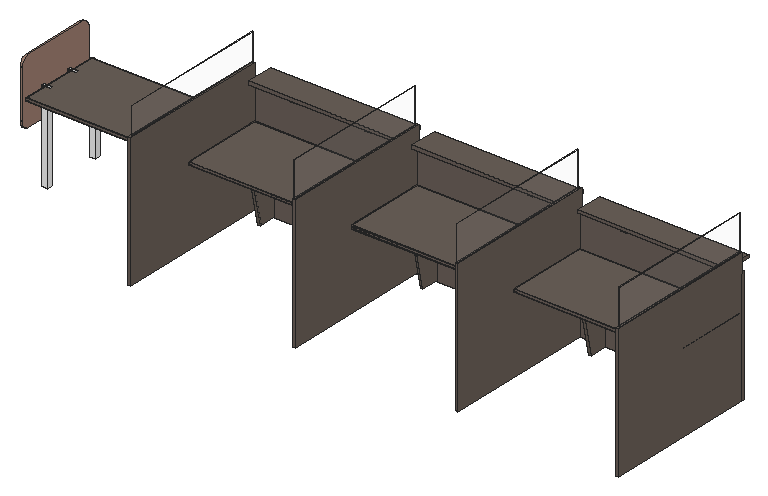
Revit family "OFS TYPICAL T200032", category Furniture, Revit 2022
Family settings
  OmniClass Number = 23.40.20.00
  OmniClass Title = General Furniture and Specialties
  Work Plane-Based = No
  Always vertical = Yes
  Cut with Voids When Loaded = No
  Render Appearance Source = Family Geometry
  Shared = No
  Room Calculation Point = No
Parameters (values of type "T200032")
  URL = "http://ofs.com/"
  Model = "T200032"
  Manufacturer = "OFS"
  Description = "OFS TYPICAL T200032"
  Default Elevation = 0' - 0"
  Copyright © = "©OFS 2024"
  Catalog = ""
  Authoring Version = "Autodesk Revit 2018"
  Assembly Code = "E2020200"
Reference planes (in)
  plane 1 "Center Front/Back": y = 0
  plane 2: z = -0.125
  plane 3 "Center Left/Right": x = 0
Dimensions and locks (in)
  aligned and locked: level to plane 2
Nested families (in)
  nested 1: "STAKS SUPPORT BASE - PANEL - WALL PANEL" at (-40.5, -2.62535, -0.125), type "STAKS SUPPORT WALL PANEL 28 X 12"
  nested 2: "STAKS BASE SQUARE" at (-95.5, -28.62535, -0.125), type "STAKS BASE SQUARE"
  nested 3: "STAKS WORKSURFACE HEIGHT PEDESTAL - BOX-BOX-FILE - NO RISER SUPPORT" at (29.70509, -21.00035, -0.125), type "STAKS WORKSURFACE HEIGHT PEDESTAL - BOX-BOX-FILE - NO RISER SUPPORT 30in D"
  nested 4: "STAKS DOUBLE SIDED FROSTED GLASS PRIVACY PANEL" at (-56.23966, -12, 1.75) x (0, 1, 0) z (0, 0, 1), type "STAKS DOUBLE SIDED FROSTED GLASS PRIVACY PANEL 55 x 10"
  nested 5: "STAKS DOUBLE SIDED FROSTED GLASS PRIVACY PANEL" at (2.75035, -12, 1.75) x (0, 1, 0) z (0, 0, 1), type "STAKS DOUBLE SIDED FROSTED GLASS PRIVACY PANEL 55 x 13"
  nested 6: "STAKS TRANSACTION SHELF" at (-13.61418, 1.99965, -4.625), type "STAKS TRANSACTION SHELF 54in"
  nested 7: "STAKS WORKSURFACE EDGE MODESTY TFL WOOD GRAIN AND TFL SOLID COLORS Round Corners" at (-116.74435, 0.49978, 17.375) x (0, 1, 0) z (0, 0, 1), type "STAKS WORKSURFACE EDGE MODESTY TFL WOOD GRAIN AND TFL SOLID COLORS 30 Round Corners"
  nested 8: "STAKS BENCHING RECTANGULAR WORKSURFACES" at (-66.04968, 0.83343, -0.125), type "STAKS BENCHING RECTANGULAR WORKSURFACE 57.5 X 30"
    with SURFACE DEPTH 2' - 6", SURFACE WIDTH 4' - 10"
  nested 9: "STAKS WORKSURFACE HEIGHT PEDESTAL - BOX-BOX-FILE - NO RISER SUPPORT" at (-29.40931, -21.00057, -0.125), type "STAKS WORKSURFACE HEIGHT PEDESTAL - BOX-BOX-FILE - NO RISER SUPPORT 30in D"
  nested 10: "STAKS SPINE OR DIVIDER WALL 42in" at (-7.04968, -2.83365, 0), type "STAKS SPINE OR DIVIDER WALL 42in X 58in"
    with Height Above Floor 3' - 6"
  nested 11: "STAKS SPINE OR DIVIDER WALL 42in" at (-67.04968, 1.83365, 0), type "STAKS SPINE OR DIVIDER WALL 42in X 59in"
    with Height Above Floor 3' - 6"
  nested 12: "STAKS BENCHING RECTANGULAR WORKSURFACES" at (66.04968, 0.83343, -0.125) x (-1, 0, 0) z (0, 0, 1), type "STAKS BENCHING RECTANGULAR WORKSURFACE 57.5 X 30"
    with SURFACE DEPTH 2' - 6", SURFACE WIDTH 4' - 10"
  nested 13: "STAKS BENCHING RECTANGULAR WORKSURFACES" at (125.06028, 0.83343, -0.125) x (-1, 0, 0) z (0, 0, 1), type "STAKS BENCHING RECTANGULAR WORKSURFACE 57.5 X 30"
    with SURFACE DEPTH 2' - 6", SURFACE WIDTH 4' - 10"
  nested 14: "STAKS WORKSURFACE HEIGHT PEDESTAL - BOX-BOX-FILE - NO RISER SUPPORT" at (130.66991, -21.00057, -0.125) x (-1, 0, 0) z (0, 0, 1), type "STAKS WORKSURFACE HEIGHT PEDESTAL - BOX-BOX-FILE - NO RISER SUPPORT 30in D"
  nested 15: "STAKS SPINE OR DIVIDER WALL 42in" at (126.06028, 1.83365, 0) x (-1, 0, 0) z (0, 0, 1), type "STAKS SPINE OR DIVIDER WALL 42in X 59in"
    with Height Above Floor 3' - 6"
  nested 16: "STAKS SPINE OR DIVIDER WALL 48in" at (-61.32835, -64.55498, -0.125) x (0, 1, 0) z (0, 0, 1), type "STAKS SPINE OR DIVIDER WALL 48in X 56in"
    with Height Above Floor 4' - 0"
  nested 17: "STAKS SPINE OR DIVIDER WALL 48in" at (-2.32835, -63.55498, 0) x (0, 1, 0) z (0, 0, 1), type "STAKS SPINE OR DIVIDER WALL 48in X 56in"
    with Height Above Floor 4' - 0"
  nested 18: "STAKS SPINE OR DIVIDER WALL 48in" at (56.67165, -63.55498, 0) x (0, 1, 0) z (0, 0, 1), type "STAKS SPINE OR DIVIDER WALL 48in X 56in"
    with Height Above Floor 4' - 0"
  nested 19: "STAKS SPINE OR DIVIDER WALL 48in" at (115.67165, -64.55498, 0) x (0, 1, 0) z (0, 0, 1), type "STAKS SPINE OR DIVIDER WALL 48in X 56in"
    with Height Above Floor 4' - 0"
  nested 20: "STAKS BENCHING RECTANGULAR WORKSURFACES" at (-51.93972, 0.83343, -0.125) x (-1, 0, 0) z (0, 0, 1), type "STAKS BENCHING RECTANGULAR WORKSURFACE 57.5 X 30"
    with SURFACE DEPTH 2' - 6", SURFACE WIDTH 4' - 10"
  nested 21: "STAKS WORKSURFACE HEIGHT PEDESTAL - BOX-BOX-FILE - NO RISER SUPPORT" at (-46.33009, -21.00057, -0.125) x (-1, 0, 0) z (0, 0, 1), type "STAKS WORKSURFACE HEIGHT PEDESTAL - BOX-BOX-FILE - NO RISER SUPPORT 30in D"
  nested 22: "STAKS DOUBLE SIDED FROSTED GLASS PRIVACY PANEL" at (61.75565, -12, 1.75) x (0, 1, 0) z (0, 0, 1), type "STAKS DOUBLE SIDED FROSTED GLASS PRIVACY PANEL 55 x 13"
  nested 23: "STAKS DOUBLE SIDED FROSTED GLASS PRIVACY PANEL" at (120.75565, -12, 1.75) x (0, 1, 0) z (0, 0, 1), type "STAKS DOUBLE SIDED FROSTED GLASS PRIVACY PANEL 55 x 13"
  nested 24: "STAKS SUPPORT BASE - PANEL - WALL PANEL" at (-4.3644, -2.62535, -0.125) x (-1, 0, 0) z (0, 0, 1), type "STAKS SUPPORT WALL PANEL 28 X 12"
  nested 25: "STAKS SUPPORT BASE - PANEL - WALL PANEL" at (56.8856, -2.62535, -0.125) x (-1, 0, 0) z (0, 0, 1), type "STAKS SUPPORT WALL PANEL 28 X 12"
  nested 26: "STAKS BASE SQUARE" at (-95.5, -6.87535, -0.125), type "STAKS BASE SQUARE"
  nested 27: "OFS RANGE BRACKETS FOR WORKSURFACE EDGE MODESTY WOOD AND TFL PANEL" at (-118.7447, -22.00318, -3.625) x (0, 1, 0) z (0, 0, 1), type "BRACKETS FOR WORKSURFACE EDGE MODESTY Wood and TFL Panel"
  nested 28: "OFS RANGE BRACKETS FOR WORKSURFACE EDGE MODESTY WOOD AND TFL PANEL" at (-118.7447, -10.25318, -3.625) x (0, 1, 0) z (0, 0, 1), type "BRACKETS FOR WORKSURFACE EDGE MODESTY Wood and TFL Panel"
  nested 29: "STAKS BENCHING CANTILEVER WORKSURFACE BRACKET - MINI CONCEALED" at (-77.93205, -39.25318, -0.25) x (0, -1, 0) z (0, 0, 1), type "STAKS CANTILEVER WORKSURFACE BRACKET - MINI CONCEALED"
  nested 30: "STAKS BENCHING CANTILEVER WORKSURFACE BRACKET - MINI CONCEALED" at (-77.93205, -25.75318, -0.25) x (0, -1, 0) z (0, 0, 1), type "STAKS CANTILEVER WORKSURFACE BRACKET - MINI CONCEALED"
  nested 31: "STAKS BENCHING CANTILEVER WORKSURFACE BRACKET - OPEN" at (-16.0572, -3.87535, -0.25), type "CANTILEVER WORKSURFACE BRACKET - OPEN 30in"
  nested 32: "STAKS BENCHING CANTILEVER WORKSURFACE BRACKET - OPEN" at (9.1822, -3.87535, -0.25) x (-1, 0, 0) z (0, 0, 1), type "CANTILEVER WORKSURFACE BRACKET - OPEN 30in"
  nested 33: "STAKS BENCHING CANTILEVER WORKSURFACE BRACKET - OPEN" at (102.0572, -3.87535, -0.25), type "CANTILEVER WORKSURFACE BRACKET - OPEN 30in"
  nested 34: "temp:STAKS BENCHING PRESS FIT BRACKET" at (-42.12465, 16, 15) x (0, 1, 0) z (0, 0, 1), type "STAKS BENCHING PRESS FIT BRACKET"
  nested 35: "temp:STAKS BENCHING PRESS FIT BRACKET" at (-19.05755, 16, 15) x (0, 1, 0) z (0, 0, 1), type "STAKS BENCHING PRESS FIT BRACKET"
  nested 36: "STAKS TRANSACTION SHELF" at (12.61418, 1.99965, -4.625) x (-1, 0, 0) z (0, 0, 1), type "STAKS TRANSACTION SHELF 54in"
  nested 37: "temp:STAKS BENCHING PRESS FIT BRACKET" at (40.05685, 16, 15) x (0, 1, 0) z (0, 0, 1), type "STAKS BENCHING PRESS FIT BRACKET"
  nested 38: "temp:STAKS BENCHING PRESS FIT BRACKET" at (21.98975, 16, 15) x (0, 1, 0) z (0, 0, 1), type "STAKS BENCHING PRESS FIT BRACKET"
  nested 39: "STAKS TRANSACTION SHELF" at (72.61418, 1.99965, -4.625) x (-1, 0, 0) z (0, 0, 1), type "STAKS TRANSACTION SHELF 54in"
  nested 40: "temp:STAKS BENCHING PRESS FIT BRACKET" at (99.00495, 16, 15) x (0, 1, 0) z (0, 0, 1), type "STAKS BENCHING PRESS FIT BRACKET"
  nested 41: "temp:STAKS BENCHING PRESS FIT BRACKET" at (77.48975, 16, 15) x (0, 1, 0) z (0, 0, 1), type "STAKS BENCHING PRESS FIT BRACKET"
Definition of nested family "STAKS SUPPORT BASE - PANEL - WALL PANEL"
  Parameters (values of type "STAKS SUPPORT BASE 21 X 12")
    Width [instance] = 1' - 0"
    WALL SUPPORT = no
    URL = "http://www.ofs.com"
    SUPPORT PANEL = no
    SUPPORT BASE = yes
    Model = "6-2112SB"
    Manufacturer = "OFS"
    Height = 1' - 9 7/8"
    Description = "OFS STAKS SUPPORT BASE 21 X12, Base Supports 22\"D Worksurfaces"
    Depth = 1' - 0"
    Default Elevation = 0' - 0"
    Copyright © = "©OFS 2018"
    Catalog = "https://ofs.com/products/casegoods/private-office/staks"
    Authoring Version = "Autodesk Revit Architecture 2013"
    Assembly Code = "E2020200"
  Types (7): name | WALL SUPPORT | SUPPORT PANEL | SUPPORT BASE | Model | Height | Description | Depth
    STAKS SUPPORT PANEL 28 X 12 | no | yes | no | "6-2812SP" | 2' - 3 7/8" | "OFS STAKS SUPPORT PANEL 28 X 12, End Panel Supports 22\"D Worksurfaces" | 1' - 0"
    STAKS SUPPORT BASE 28 X 12 | no | no | yes | "6-2812SB" | 2' - 3 7/8" | "OFS STAKS SUPPORT BASE 28 X12, Base Supports 22\"D Worksurfaces" | 1' - 0"
    STAKS SUPPORT WALL PANEL 28 X 12 | yes | no | no | "6-2812SWPS" | 2' - 3 3/8" | "OFS STAKS SUPPORT WALL PANEL 28 X12, Provides Support for Worksurface in Conjunction with Cantilevers and Stabilizes Wall Panels" | 1' - 0"
    STAKS SUPPORT BASE 21 X 12 | no | no | yes | "6-2112SB" | 1' - 9 7/8" | "OFS STAKS SUPPORT BASE 21 X12, Base Supports 22\"D Worksurfaces" | 1' - 0"
    STAKS SUPPORT BASE 28 X 18 | no | no | yes | "6-2818SB" | 2' - 3 7/8" | "OFS STAKS SUPPORT BASE 28 X18, Base Supports 30\"D Worksurfaces" | 1' - 6"
    STAKS SUPPORT PANEL 21 X 12 | no | yes | no | "6-2112SP" | 1' - 9 7/8" | "OFS STAKS SUPPORT PANEL 21 X 12, End Panel Supports 22\"D Worksurfaces" | 1' - 0"
    STAKS SUPPORT PANEL 28 X 18 | no | yes | no | "6-2818SP" | 2' - 3 7/8" | "OFS STAKS SUPPORT PANEL 28 X 18, End Panel Supports 30\"D Worksurfaces" | 1' - 6"
  Reference planes (in)
    plane 1: z = 0
    plane 2 "Left": x = -12
    plane 3 "Back": y = 1.62535
    plane 4 "PANELL TOP": z = 21.875
    plane 5 "RIGHT": x = -11
    plane 6: y = -10.37465
    plane 7: y = 0.62535
    plane 8: x = -5.5
    plane 9: x = -17.5
  Forms (in)
    Extrusion 1, solid, visible <- "SUPPORT PANEL"
      sketch origin (-7.62535, -10.37465, -0.18015) x (1, 0, 0) y (0, 0, 1)
        loop
          line (-4.37465, 22.05515) -> (-4.37465, 0.18015) -> (-3.37465, 0.18015) -> (-3.37465, 22.05515) -> (-4.37465, 22.05515)
      from -12 to 0
    Extrusion 2, solid, visible <- "SUPPORT BASE"
      sketch origin (-5.5, 5, -0.18015) x (0, 1, 0) y (0, 0, 1)
        loop
          line (-4.37465, 22.05515) -> (-4.37465, 0.18015) -> (-3.37465, 0.18015) -> (-3.37465, 22.05515) -> (-4.37465, 22.05515)
      from -12 to 0
    Extrusion 3, solid, visible <- "SUPPORT BASE"
      sketch origin (3.37465, -10.37465, -0.18015) x (1, 0, 0) y (0, 0, 1)
        loop
          line (-15.37465, 22.05515) -> (-15.37465, 0.18015) -> (-14.37465, 0.18015) -> (-14.37465, 22.05515) -> (-15.37465, 22.05515)
      from -11 to 0
    Extrusion 4, solid, visible <- "WALL SUPPORT"
      sketch origin (-12, 0, 0) x (0, 1, 0) y (0, 0, 1)
        loop
          line (1.62535, 0) -> (1.62535, 20.375) -> (0.12535, 21.875) -> (-0.37465, 21.875) -> (-0.37465, 19.285) -> (-3.43765, 19.285) -> (-3.43765, 21.875) -> (-10.37465, 21.875) -> (-4.43765, 0) -> (1.62535, 0)
      from 0 to 1
  Lines and regions (in)
    Masking region 1, visible <- "SUPPORT PANEL"
      outline origin (-12.62535, -10.37465, 0) x (0, -1, 0) y (1, 0, 0)
        loop
          line (-12, 1.62535) -> (-12, 0.62535) -> (0, 0.62535) -> (0, 1.62535) -> (-12, 1.62535)
    Masking region 2, visible <- "SUPPORT BASE"
      outline origin (-5.5, 0, 0) x (1, 0, 0) y (0, 1, 0)
        loop
          line (-12, 1.62535) -> (-12, 0.62535) -> (0, 0.62535) -> (0, 1.62535) -> (-12, 1.62535)
    Masking region 3, visible <- "SUPPORT BASE"
      outline origin (-1.62535, -10.37465, 0) x (0, -1, 0) y (1, 0, 0)
        loop
          line (-11, -9.37465) -> (-11, -10.37465) -> (0, -10.37465) -> (0, -9.37465) -> (-11, -9.37465)
    Masking region 4, visible <- "WALL SUPPORT"
      outline origin (0, 0, 0) x (1, 0, 0) y (0, 1, 0)
        loop
          line (-11, 1.62535) -> (-12, 1.62535) -> (-12, -10.37465) -> (-11, -10.37465) -> (-11, 1.62535)
  Dimensions and locks (in)
    "Height": plane 4 "PANELL TOP" to plane 1
    locked: plane 2 "Left" to plane 5 "RIGHT" at 1
    "Depth": plane 6 to plane 3 "Back"
    locked: plane 7 to plane 3 "Back" at 1
    locked: plane 9 to plane 2 "Left" at 5.5
    locked: plane 5 "RIGHT" to plane 8 at 5.5
    "Width": plane 9 to plane 8
    aligned: Extrusion 1 to plane 2 "Left"
    aligned: Extrusion 1 to plane 1
    aligned and locked: level to plane 1
    aligned: Extrusion 1 to plane 4 "PANELL TOP"
    aligned: Extrusion 1 to plane 3 "Back"
    aligned and locked: plane 6 to Extrusion 1
    aligned and locked: plane 6 to Masking region 1
    aligned and locked: Extrusion 3 to plane 7
    aligned and locked: Masking region 3 to plane 7
    aligned and locked: plane 6 to Extrusion 3
    aligned and locked: plane 6 to Masking region 3
    aligned and locked: Extrusion 1 to plane 6  (x2)
    aligned and locked: plane 7 to Extrusion 2
    aligned and locked: plane 7 to Masking region 2
    aligned and locked: Masking region 2 to plane 3 "Back"
    aligned and locked: Extrusion 2 to plane 3 "Back"
    aligned and locked: Extrusion 1 to plane 3 "Back"
    aligned and locked: Masking region 1 to plane 3 "Back"
    aligned and locked: Extrusion 1 to plane 2 "Left"
    aligned and locked: plane 5 "RIGHT" to Extrusion 1
    aligned and locked: plane 8 to Masking region 2
    aligned and locked: plane 8 to Extrusion 2
    aligned and locked: Extrusion 2 to plane 9
    aligned and locked: Masking region 2 to plane 9
    aligned and locked: Extrusion 3 to plane 2 "Left"
    aligned and locked: plane 5 "RIGHT" to Extrusion 3
    aligned and locked: Masking region 3 to plane 2 "Left"
    aligned and locked: plane 5 "RIGHT" to Masking region 3
    aligned and locked: Extrusion 3 to plane 4 "PANELL TOP"
    aligned and locked: Extrusion 1 to plane 4 "PANELL TOP"
    aligned and locked: plane 4 "PANELL TOP" to Extrusion 2
    aligned and locked: plane 4 "PANELL TOP" to Extrusion 4 sketch curve
    aligned and locked: Extrusion 4 sketch curve to plane 4 "PANELL TOP"
    aligned and locked: Extrusion 4 sketch curve to plane 3 "Back"
    aligned and locked: Extrusion 4 sketch curve to plane 1
    aligned and locked: Extrusion 4 to plane 2 "Left"
    aligned and locked: plane 5 "RIGHT" to Extrusion 4
  Automatic sketch dimensions
    Extrusion 1 sketch curve to plane 2 "Left" = 0' - 0"
    Extrusion 1 sketch curve to level = 0' - 0"
    Extrusion 1 sketch curve to plane 5 "RIGHT" = 0' - 0"
    Extrusion 1 sketch curve to plane 4 "PANELL TOP" = 0' - 0"
    Masking region 1 sketch curve to plane 2 "Left" = 0' - 0"
    plane 3 "Back" to Masking region 1 sketch curve = 0' - 0"
    Masking region 1 sketch curve to plane 5 "RIGHT" = 0' - 0"
    plane 6 to Masking region 1 sketch curve = 0' - 0"
    Extrusion 2 sketch curve to plane 4 "PANELL TOP" = 0' - 0"
    Extrusion 2 sketch curve to plane 7 = 0' - 0"
    Extrusion 2 sketch curve to level = 0' - 0"
    Extrusion 2 sketch curve to plane 3 "Back" = 0' - 0"
    plane 7 to Masking region 2 sketch curve = 0' - 0"
    Masking region 2 sketch curve to plane 9 = 0' - 0"
    plane 3 "Back" to Masking region 2 sketch curve = 0' - 0"
    Masking region 2 sketch curve to plane 8 = 0' - 0"
    Extrusion 3 sketch curve to plane 2 "Left" = 0' - 0"
    Extrusion 3 sketch curve to level = 0' - 0"
    Extrusion 3 sketch curve to plane 5 "RIGHT" = 0' - 0"
    Extrusion 3 sketch curve to plane 4 "PANELL TOP" = 0' - 0"
    Masking region 3 sketch curve to plane 2 "Left" = 0' - 0"
    plane 7 to Masking region 3 sketch curve = 0' - 0"
    Masking region 3 sketch curve to plane 5 "RIGHT" = 0' - 0"
    plane 6 to Masking region 3 sketch curve = 0' - 0"
    Extrusion 4 sketch curve to plane 6 = 0' - 0"
    plane 7 to Extrusion 4 sketch curve = 0' - 1"
    Extrusion 4 sketch curve to plane 4 "PANELL TOP" = 0' - 2.59"
    plane 7 to Extrusion 4 sketch curve = 0' - 5.063"
    Extrusion 4 sketch curve to Extrusion 4 sketch curve = 0' - 3.063"
    Extrusion 4 sketch curve to Extrusion 4 sketch curve = 0' - 0 1/2"
    Extrusion 4 sketch curve to plane 4 "PANELL TOP" = 0' - 1 1/2"
    Masking region 4 sketch curve to plane 2 "Left" = 0' - 0"
    Masking region 4 sketch curve to plane 5 "RIGHT" = 0' - 0"
    plane 6 to Masking region 4 sketch curve = 0' - 0"
    plane 3 "Back" to Masking region 4 sketch curve = 0' - 0"
Definition of nested family "STAKS BASE SQUARE"
  Parameters (values of type "STAKS BASE SQUARE")
    Width = 0' - 2"
    URL = "http://www.ofs.com"
    Model = "6-L2S"
    Manufacturer = "OFS"
    Height = 2' - 3 7/8"
    Description = "OFS STAKS BASE SQUARE, 2\" Metal Square Support, For Worksurface Height Support only"
    Depth = 0' - 2"
    Default Elevation = 0' - 0"
    Copyright © = "©OFS 2018"
    Catalog = "https://ofs.com/products/casegoods/private-office/staks"
    Base Material = none
    Authoring Version = "Autodesk Revit Architecture 2013"
    Assembly Code = "E2020200"
  Reference planes (in)
    plane 1: z = 0
    plane 2 "Center (Front/Back)": y = 1.62535
    plane 3 "Center (Left/Right)": x = -17.5
    plane 4: z = 27.875
    plane 5: z = 27.625
  Forms (in)
    Extrusion 1, solid, material <- "Base Material"
      sketch origin (0, 0, 27.375) x (-1, 0, 0) y (0, -1, 0)
        loop
          line (19.75, -3.87535) -> (19.75, 0.62465) -> (15.25, 0.62465) -> (15.25, -3.87535) -> (19.75, -3.87535)
      from 0.25 to 0.5
    Extrusion 2, solid, material <- "Base Material"
      sketch origin (0, 0, 0) x (1, 0, 0) y (0, 1, 0)
        loop
          line (-16.5, 2.62535) -> (-18.5, 2.62535) -> (-18.5, 0.62535) -> (-16.5, 0.62535) -> (-16.5, 2.62535)
      from 0 to 27.625
  Lines and regions (in)
    Masking region 1
      outline origin (0, 0, 0) x (1, 0, 0) y (0, 1, 0)
        loop
          line (-16.5, 2.62535) -> (-18.5, 2.62535) -> (-18.5, 0.62535) -> (-16.5, 0.62535) -> (-16.5, 2.62535)
    Masking region 2
      outline origin (0, 0, 0) x (1, 0, 0) y (0, 1, 0)
        loop
          line (-15.25, 3.87535) -> (-19.75, 3.87535) -> (-19.75, -0.62465) -> (-15.25, -0.62465) -> (-15.25, 3.87535)
        loop
          line (-16.5, 0.62535) -> (-16.5, 2.62535) -> (-18.5, 2.62535) -> (-18.5, 0.62535) -> (-16.5, 0.62535)
  Dimensions and locks (in)
    locked: plane 4 to plane 5 at 0.25
    "Height": plane 4 to plane 1
    locked: Extrusion 1 to Extrusion 1 at 4.5  (x2)
    "Width": Extrusion 2 to Extrusion 2
    "Depth": Extrusion 2 to Extrusion 2
    aligned and locked: level to plane 1
    aligned and locked: plane 5 to Extrusion 1
    aligned and locked: Extrusion 1 to plane 4
    aligned and locked: Extrusion 2 to plane 5
  Automatic sketch dimensions
    plane 3 "Center (Left/Right)" to Extrusion 1 sketch curve = 0' - 2 1/4"
    Extrusion 1 sketch curve to plane 2 "Center (Front/Back)" = 0' - 2 1/4"
    Extrusion 1 sketch curve to plane 3 "Center (Left/Right)" = 0' - 2 1/4"
    plane 2 "Center (Front/Back)" to Extrusion 1 sketch curve = 0' - 2 1/4"
    Extrusion 2 sketch curve to plane 3 "Center (Left/Right)" = 0' - 1"
    plane 2 "Center (Front/Back)" to Extrusion 2 sketch curve = 0' - 1"
    plane 3 "Center (Left/Right)" to Extrusion 2 sketch curve = 0' - 1"
    Extrusion 2 sketch curve to plane 2 "Center (Front/Back)" = 0' - 1"
    Masking region 1 sketch curve to plane 3 "Center (Left/Right)" = 0' - 1"
    plane 2 "Center (Front/Back)" to Masking region 1 sketch curve = 0' - 1"
    plane 3 "Center (Left/Right)" to Masking region 1 sketch curve = 0' - 1"
    Masking region 1 sketch curve to plane 2 "Center (Front/Back)" = 0' - 1"
    Masking region 2 sketch curve to plane 3 "Center (Left/Right)" = 0' - 2 1/4"
    plane 2 "Center (Front/Back)" to Masking region 2 sketch curve = 0' - 2 1/4"
    Masking region 2 sketch curve to plane 3 "Center (Left/Right)" = 0' - 1"
    plane 3 "Center (Left/Right)" to Masking region 2 sketch curve = 0' - 1"
    Masking region 2 sketch curve to Masking region 2 sketch curve = 0' - 1 1/4"  (x2)
    plane 2 "Center (Front/Back)" to Masking region 2 sketch curve = 0' - 1"
    Masking region 2 sketch curve to plane 2 "Center (Front/Back)" = 0' - 1"
Definition of nested family "STAKS WORKSURFACE HEIGHT PEDESTAL - BOX-BOX-FILE - NO RISER SUPPORT"
  Parameters (values of type "STAKS WORKSURFACE HEIGHT PEDESTAL - BOX-BOX-FILE - NO RISER SUPPORT 19in D")
    URL = "http://www.ofs.com/"
    Riser Support = 0' - 0"
    Model = "6-NW1619MPD1"
    Manufacturer = "OFS"
    Height = 2' - 3 7/8"
    Drawer Material = none
    Drawer Handle Width = 0' - 5 7/16"
    Drawer Handle Material = none
    Description = "OFS STAKS WORKSURFACE HEIGHT PEDESTAL - BOX-BOX-FILE - NO RISER SUPPORT 19\" D, Two Box Drawers, Use with 22\"D Worksurfaces"
    Width = 1' - 3 5/8"
    Depth = 1' - 7 3/8"
    Default Elevation = 0' - 0"
    DH2 = 0' - 6 1/2"
    DH1 = 1' - 2 3/8"
    Copyright © = "© 2018 OFS"
    Chasis Material = none
    Catalog = "https://ofs.com/products/casegoods/private-office/staks"
    Board Thickness = 0' - 0 3/4"
    Authoring Version = "Autodesk Revit Architecture 2013"
    Assembly Code = "E2020200"
  Types (6): name | Model | Description | Depth
    STAKS WORKSURFACE HEIGHT PEDESTAL - BOX-BOX-FILE - NO RISER SUPPORT 19in D | "6-NW1619MPD1" | "OFS STAKS WORKSURFACE HEIGHT PEDESTAL - BOX-BOX-FILE - NO RISER SUPPORT 19\" D, Two Box Drawers, Use with 22\"D Worksurfaces" | 1' - 7 3/8"
    STAKS WORKSURFACE HEIGHT PEDESTAL - BOX-BOX-FILE - NO RISER SUPPORT 22in D | "6-NW1622MPD1" | "OFS STAKS WORKSURFACE HEIGHT PEDESTAL - BOX-BOX-FILE - NO RISER SUPPORT 22\" D, Two Box Drawers, Use with 22\"D Worksurfaces" | 1' - 9 7/8"
    STAKS WORKSURFACE HEIGHT PEDESTAL - BOX-BOX-FILE - NO RISER SUPPORT 27in D | "6-NW1627MPD1" | "OFS STAKS WORKSURFACE HEIGHT PEDESTAL - BOX-BOX-FILE - NO RISER SUPPORT 27\" D, Two Box Drawers, Use with 30\"D Worksurfaces" | 2' - 3 3/8"
    STAKS WORKSURFACE HEIGHT PEDESTAL - BOX-BOX-FILE - NO RISER SUPPORT 30in D | "6-NW1630MPD1" | "OFS STAKS WORKSURFACE HEIGHT PEDESTAL - BOX-BOX-FILE - NO RISER SUPPORT 30\" D, Two Box Drawers, Use with 30\"D Worksurfaces" | 2' - 5 7/8"
    STAKS WORKSURFACE HEIGHT PEDESTAL - BOX-BOX-FILE - NO RISER SUPPORT 33in D | "6-NW1633MPD1" | "OFS STAKS WORKSURFACE HEIGHT PEDESTAL - BOX-BOX-FILE - NO RISER SUPPORT 33\" D, Two Box Drawers, Use with 36\"D Worksurfaces" | 2' - 9 3/8"
    STAKS WORKSURFACE HEIGHT PEDESTAL - BOX-BOX-FILE - NO RISER SUPPORT 36in D | "6-NW1636MPD1" | "OFS STAKS WORKSURFACE HEIGHT PEDESTAL - BOX-BOX-FILE - NO RISER SUPPORT 36\" D, Two Box Drawers, Use with 36\"D Worksurfaces" | 2' - 11 7/8"
  Reference planes (in)
    plane 1: z = 0
    plane 2 "Right": x = 20.97711
    plane 3: z = 27.875
    plane 4: z = 14.375
    plane 5: z = 14.25
    plane 6: z = 0
    plane 7: z = 14
    plane 8: z = 27.625
    plane 9: z = 13.531
    plane 10: z = 27.15625
    plane 11: x = 13.16461
    plane 12: y = 1.37535
    plane 13: y = 0.62535
    plane 14: x = 13.22711
    plane 15: x = 28.72661
    plane 16: x = 13.91461
    plane 17: y = 20.00035
    plane 18: x = 28.78961
    plane 19: x = 28.03961
    plane 20: x = 18.25836
    plane 21: x = 18.63336
    plane 22: x = 23.69586
    plane 23: x = 23.32086
    plane 24: y = -0.18715
    plane 25: y = -0.37465
    plane 26: z = 20.875
    plane 27: z = 20.75
    plane 28: z = 20.5
    plane 29: z = 20.031
    plane 30: z = 0.25
    plane 31: y = 19.25035
    plane 32: z = 0.75
    plane 33: y = 16.75035
    plane 34: y = 4.37535
    plane 35: y = 8.37535
    plane 36: y = 12.75035
    plane 37: y = 5.00035
    plane 38: y = 13.37535
    plane 39: z = 28
  Forms (in)
    Extrusion 1, solid, material <- "Drawer Material"
      sketch origin (20.35211, 5, -13.1802) x (0, 1, 0) y (0, 0, 1)
        loop
          line (-4.37465, 27.4302) -> (-4.37465, 13.4302) -> (-3.62465, 13.4302) -> (-3.62465, 27.4302) -> (-4.37465, 27.4302)
      from -7.125 to 8.3745
    Extrusion 2, solid, material <- "Drawer Material"
      sketch origin (20.35211, 2.25, -7.68015) x (0, 1, 0) y (0, 0, 1)
        loop
          line (-1.62465, 28.43015) -> (-1.62465, 22.05515) -> (-0.87465, 22.05515) -> (-0.87465, 28.43015) -> (-1.62465, 28.43015)
      from -7.125 to 8.3745
    Extrusion 3, solid, material <- "Chasis Material"
      sketch origin (-3, -1.24965, 0) x (1, 0, 0) y (0, 0, 1)
        loop
          line (16.16461, 0) -> (16.91461, 0) -> (16.91461, 27.875) -> (16.16461, 27.875) -> (16.16461, 0)
      from -21.25 to -2.625
    Extrusion 4, solid, material <- "Chasis Material"
      sketch origin (19.35211, 31.02324, 0) x (0, 1, 0) y (0, 0, 1)
        loop
          line (-11.77289, 0) -> (-11.02289, 0) -> (-11.02289, 27.875) -> (-11.77289, 27.875) -> (-11.77289, 0)
      from -5.4375 to 8.6875
    Extrusion 5, solid, material <- "Drawer Handle Material"
      sketch origin (9, 0, 9.60933) x (1, 0, 0) y (0, 1, 0)
        loop
          line (9.25836, 0.62535) -> (9.25836, -0.37465) -> (14.69586, -0.37465) -> (14.69586, 0.62535) -> (14.32086, 0.62535) -> (14.32086, -0.18715) -> (9.63336, -0.18715) -> (9.63336, 0.62535) -> (9.25836, 0.62535)
      from 3.92167 to 4.39067
    Extrusion 6, solid, material <- "Drawer Handle Material"
      sketch origin (9, 0, 20.67137) x (1, 0, 0) y (0, 1, 0)
        loop
          line (9.25836, 0.62535) -> (9.25836, -0.37465) -> (14.69586, -0.37465) -> (14.69586, 0.62535) -> (14.32086, 0.62535) -> (14.32086, -0.18715) -> (9.63336, -0.18715) -> (9.63336, 0.62535) -> (9.25836, 0.62535)
      from -0.64037 to -0.17137
    Extrusion 7, solid, material <- "Chasis Material"
      sketch origin (0, 0, 0) x (1, 0, 0) y (0, 1, 0)
        loop
          line (28.78961, 20.00035) -> (28.03961, 20.00035) -> (28.03961, 1.37535) -> (28.78961, 1.37535) -> (28.78961, 20.00035)
      from 0 to 27.875
    Extrusion 8, solid, material <- "Drawer Material"
      sketch origin (20.35211, 2.25, 0.06985) x (0, 1, 0) y (0, 0, 1)
        loop
          line (-1.62465, 27.80515) -> (-1.62465, 20.80515) -> (-0.87465, 20.80515) -> (-0.87465, 27.80515) -> (-1.62465, 27.80515)
      from -7.125 to 8.3745
    Extrusion 9, solid, material <- "Drawer Handle Material"
      sketch origin (9, 0, 28.42137) x (1, 0, 0) y (0, 1, 0)
        loop
          line (9.25836, 0.62535) -> (9.25836, -0.37465) -> (14.69586, -0.37465) -> (14.69586, 0.62535) -> (14.32086, 0.62535) -> (14.32086, -0.18715) -> (9.63336, -0.18715) -> (9.63336, 0.62535) -> (9.25836, 0.62535)
      from -1.26512 to -0.79637
    Extrusion 10, solid, material <- "Chasis Material"
      sketch origin (-29.79592, -1.62465, 7.24693) x (1, 0, 0) y (0, 0, 1)
        loop
          line (43.71054, 19.90932) -> (57.83554, 19.90932) -> (57.83554, 20.62807) -> (43.71054, 20.62807) -> (43.71054, 19.90932)
      from -18.375 to -14.375
    Extrusion 11, solid, material <- "Chasis Material"
      sketch origin (-29.79592, -7.12465, 7.24693) x (1, 0, 0) y (0, 0, 1)
        loop
          line (43.71054, 19.90932) -> (57.83554, 19.90932) -> (57.83554, 20.62807) -> (43.71054, 20.62807) -> (43.71054, 19.90932)
      from -15.5 to -11.5
    Extrusion 12, solid, material <- "Chasis Material"
      sketch origin (-31.5409, -1.62465, -42.72261) x (1, 0, 0) y (0, 0, 1)
        loop
          line (45.45551, 42.72261) -> (59.58051, 42.72261) -> (59.58051, 43.47261) -> (45.45551, 43.47261) -> (45.45551, 42.72261)
      from -20.875 to -3
    Extrusion 13, solid
      sketch origin (0, 0, 0) x (1, 0, 0) y (0, 1, 0)
        loop
          line (28.72661, 20.00035) -> (28.03961, 20.00035) -> (28.03961, 13.37535) -> (13.91461, 13.37535) -> (13.91461, 20.00035) -> (13.22711, 20.00035) -> (13.22711, 0.62535) -> (13.91461, 0.62535) -> (13.91461, 4.37535) -> (28.03961, 4.37535) -> (28.03961, 0.62535) -> (28.72661, 0.62535) -> (28.72661, 20.00035)
        loop
          line (28.03961, 5.00035) -> (28.03961, 12.75035) -> (13.91461, 12.75035) -> (13.91461, 5.00035) -> (28.03961, 5.00035)
      from 27.875 to 28
  Dimensions and locks (in)
    "Board Thickness": plane 13 to plane 12
    locked: plane 11 to plane 14 at 0.0625
    "Board Thickness": plane 11 to plane 16
    locked: plane 15 to plane 18 at 0.063
    "Width": plane 11 to plane 18
    Extrusion 7 sketch curve to plane 18 = 0' - 0 3/4"
    "Board Thickness": plane 19 to plane 18
    equal spacing: plane 11, plane 2 "Right", plane 18
    locked: plane 20 to plane 21 at 0.375
    locked: plane 23 to plane 22 at 0.375
    equal spacing: plane 20, plane 2 "Right", plane 22
    "Drawer Handle Width": plane 20 to plane 22
    plane 25 to plane 24 to plane 13 = 0' - 0 3/16" locked, 0' - 0 13/16" locked
    "Riser Support": plane 6 to level
    "Height": plane 3 to plane 6
    "DH1": plane 4 to plane 6
    "DH2": plane 26 to plane 4
    locked: plane 30 to plane 6 at 0.25
    "Board Thickness": plane 31 to plane 17
    "Depth": plane 13 to plane 17
    plane 4 to plane 5 to plane 7 to plane 9 = 0' - 0 1/8" locked, 0' - 0 1/4" locked, 0' - 0.469" locked
    plane 26 to plane 27 to plane 28 to plane 29 = 0' - 0 1/8" locked, 0' - 0 1/4" locked, 0' - 0.469" locked
    plane 3 to plane 8 to plane 10 = 0' - 0 1/4" locked, 0' - 0 15/32" locked
    "Board Thickness": plane 32 to plane 6
    plane 12 to plane 34 to plane 35 = 0' - 3" locked, 0' - 4" locked
    plane 36 to plane 33 to plane 31 = 0' - 4" locked, 0' - 2 1/2" locked
    locked: plane 34 to plane 37 at 0.625
    locked: plane 36 to plane 38 at 0.625
    locked: plane 39 to plane 3 at 0.125
    aligned and locked: level to plane 1
    aligned and locked: Extrusion 1 to plane 14
    aligned and locked: plane 15 to Extrusion 1
    aligned and locked: Extrusion 2 to plane 12
    aligned and locked: plane 13 to Extrusion 2
    aligned and locked: plane 15 to Extrusion 2
    aligned and locked: Extrusion 2 to plane 14
    aligned and locked: plane 12 to Extrusion 3
    aligned and locked: Extrusion 3 to plane 17
    aligned and locked: Extrusion 4 to plane 16
    aligned and locked: plane 16 to Extrusion 3
    aligned and locked: Extrusion 3 to plane 11
    aligned and locked: Extrusion 4 to plane 17
    aligned and locked: Extrusion 1 sketch curve to plane 12
    aligned and locked: plane 13 to Extrusion 1 sketch curve
    aligned and locked: plane 19 to Extrusion 4
    aligned and locked: plane 3 to Extrusion 3
    aligned and locked: Extrusion 6 to plane 22
    aligned and locked: Extrusion 5 to plane 22
    aligned and locked: plane 23 to Extrusion 6
    aligned and locked: plane 23 to Extrusion 5
    aligned and locked: plane 21 to Extrusion 6
    aligned and locked: plane 21 to Extrusion 5
    aligned and locked: Extrusion 6 to plane 20
    aligned and locked: Extrusion 5 to plane 20
    aligned and locked: plane 24 to Extrusion 6
    aligned and locked: plane 7 to Extrusion 5
    aligned and locked: Extrusion 5 to plane 9
    aligned and locked: plane 3 to Extrusion 4
    aligned and locked: plane 27 to Extrusion 2
    aligned and locked: Extrusion 6 to plane 29
    aligned and locked: plane 28 to Extrusion 6
    aligned and locked: Extrusion 1 to plane 30
    aligned and locked: Extrusion 8 to plane 26
    aligned and locked: plane 3 to Extrusion 8
    aligned and locked: Extrusion 9 to plane 10
    aligned and locked: plane 8 to Extrusion 9
    aligned and locked: Extrusion 7 to plane 19
    aligned and locked: Extrusion 8 to plane 14
    aligned and locked: plane 15 to Extrusion 8
    aligned and locked: plane 3 to Extrusion 7
    aligned and locked: Extrusion 7 to plane 6
    aligned and locked: plane 3 to Extrusion 10
    aligned and locked: Extrusion 10 to plane 10
    aligned and locked: plane 19 to Extrusion 10
    aligned and locked: Extrusion 10 to plane 16
    aligned and locked: Extrusion 10 to plane 33
    aligned and locked: plane 36 to Extrusion 10
    aligned and locked: plane 34 to Extrusion 11
    aligned and locked: Extrusion 11 to plane 35
    aligned and locked: plane 3 to Extrusion 11
    aligned and locked: Extrusion 11 to plane 10
    aligned and locked: plane 32 to Extrusion 12
    aligned and locked: Extrusion 12 to plane 6
    aligned and locked: Extrusion 12 to plane 31
    aligned and locked: plane 12 to Extrusion 12
    aligned and locked: plane 19 to Extrusion 12
    aligned and locked: Extrusion 12 to plane 16
    aligned and locked: Extrusion 13 to plane 3
    aligned and locked: plane 39 to Extrusion 13
  Automatic sketch dimensions
    Extrusion 1 sketch curve to plane 30 = 0' - 0"
    Extrusion 1 sketch curve to plane 5 = 0' - 0"
    Extrusion 2 sketch curve to plane 13 = 0' - 0"
    Extrusion 2 sketch curve to plane 4 = 0' - 0"
    Extrusion 2 sketch curve to plane 12 = 0' - 0"
    Extrusion 2 sketch curve to plane 27 = 0' - 0"
    Extrusion 3 sketch curve to plane 6 = 0' - 0"
    Extrusion 3 sketch curve to plane 11 = 0' - 0"
    Extrusion 3 sketch curve to plane 3 = 0' - 0"
    Extrusion 3 sketch curve to plane 16 = 0' - 0"
    Extrusion 4 sketch curve to plane 6 = 0' - 0"
    Extrusion 4 sketch curve to plane 3 = 0' - 0"
    Extrusion 4 sketch curve to plane 17 = 0' - 0"
    plane 31 to Extrusion 4 sketch curve = 0' - 0"
    plane 13 to Extrusion 5 sketch curve = 0' - 0"  (x2)
    Extrusion 5 sketch curve to plane 20 = 0' - 0"
    Extrusion 5 sketch curve to plane 21 = 0' - 0"
    Extrusion 5 sketch curve to plane 23 = 0' - 0"
    Extrusion 5 sketch curve to plane 22 = 0' - 0"
    plane 25 to Extrusion 5 sketch curve = 0' - 0"
    plane 24 to Extrusion 5 sketch curve = 0' - 0"
    plane 13 to Extrusion 6 sketch curve = 0' - 0"  (x2)
    Extrusion 6 sketch curve to plane 20 = 0' - 0"
    Extrusion 6 sketch curve to plane 21 = 0' - 0"
    Extrusion 6 sketch curve to plane 23 = 0' - 0"
    Extrusion 6 sketch curve to plane 22 = 0' - 0"
    plane 25 to Extrusion 6 sketch curve = 0' - 0"
    plane 24 to Extrusion 6 sketch curve = 0' - 0"
    plane 12 to Extrusion 7 sketch curve = 0' - 0"
    Extrusion 7 sketch curve to plane 18 = 0' - 0"
    plane 17 to Extrusion 7 sketch curve = 0' - 0"
    Extrusion 8 sketch curve to plane 3 = 0' - 0"
    Extrusion 8 sketch curve to plane 13 = 0' - 0"
    Extrusion 8 sketch curve to plane 12 = 0' - 0"
    Extrusion 8 sketch curve to plane 26 = 0' - 0"
    plane 13 to Extrusion 9 sketch curve = 0' - 0"  (x2)
    Extrusion 9 sketch curve to plane 20 = 0' - 0"
    Extrusion 9 sketch curve to plane 21 = 0' - 0"
    Extrusion 9 sketch curve to plane 23 = 0' - 0"
    Extrusion 9 sketch curve to plane 22 = 0' - 0"
    plane 25 to Extrusion 9 sketch curve = 0' - 0"
    plane 24 to Extrusion 9 sketch curve = 0' - 0"
    Extrusion 10 sketch curve to plane 10 = 0' - 0"
    Extrusion 10 sketch curve to plane 16 = 0' - 0"
    Extrusion 10 sketch curve to plane 3 = 0' - 0"
    Extrusion 10 sketch curve to plane 19 = 0' - 0"
    Extrusion 11 sketch curve to plane 10 = 0' - 0"
    Extrusion 11 sketch curve to plane 16 = 0' - 0"
    Extrusion 11 sketch curve to plane 3 = 0' - 0"
    Extrusion 11 sketch curve to plane 19 = 0' - 0"
    plane 14 to Extrusion 12 sketch curve = 0' - 0 11/16"
    Extrusion 12 sketch curve to plane 6 = 0' - 0"
    plane 6 to Extrusion 12 sketch curve = 0' - 0 3/4"
    Extrusion 12 sketch curve to plane 19 = 0' - 0"
    Extrusion 13 sketch curve to plane 14 = 0' - 0"
    Extrusion 13 sketch curve to plane 19 = 0' - 0"  (x2)
    Extrusion 13 sketch curve to plane 15 = 0' - 0"
    plane 13 to Extrusion 13 sketch curve = 0' - 0"  (x2)
    Extrusion 13 sketch curve to plane 34 = 0' - 0"
    Extrusion 13 sketch curve to plane 37 = 0' - 0"
    Extrusion 13 sketch curve to plane 38 = 0' - 0"
    Extrusion 13 sketch curve to plane 36 = 0' - 0"
    Extrusion 13 sketch curve to Extrusion 13 sketch curve = 0' - 0"  (x2)
    Extrusion 13 sketch curve to plane 16 = 0' - 0"  (x2)
    plane 17 to Extrusion 13 sketch curve = 0' - 0"  (x2)
Definition of nested family "STAKS DOUBLE SIDED FROSTED GLASS PRIVACY PANEL"
  Parameters (values of type "STAKS DOUBLE SIDED FROSTED GLASS PRIVACY PANEL 23 x 10")
    Width = 1' - 11"
    URL = "http://www.ofs.com/"
    Model = "6-PVPG-23/10"
    Manufacturer = "OFS"
    Height From Floor = 4' - 8"
    Height = 0' - 10"
    Description = "OFS STAKS DOUBLE SIDED FROSTED GLASS PRIVACY PANEL 23 x 10, Recessed 1.5\" Inside Wall Panel"
    Depth = 0' - 0 1/4"
    Default Elevation = 0' - 0"
    Copyright © = "© 2018 OFS"
    Catalog = "https://ofs.com/products/casegoods/private-office/staks"
    Shelf Material = none
    Authoring Version = "Autodesk Revit Architecture 2013"
    Assembly Code = "E2020200"
  Types (38): name | Width | Model | Height From Floor | Height | Description
    STAKS DOUBLE SIDED FROSTED GLASS PRIVACY PANEL 23 x 10 | 1' - 11" | "6-PVPG-23/10" | 4' - 8" | 0' - 10" | "OFS STAKS DOUBLE SIDED FROSTED GLASS PRIVACY PANEL 23 x 10, Recessed 1.5\" Inside Wall Panel"
    STAKS DOUBLE SIDED FROSTED GLASS PRIVACY PANEL 25 x 10 | 2' - 1" | "6-PVPG-25/10" | 4' - 8" | 0' - 10" | "OFS STAKS DOUBLE SIDED FROSTED GLASS PRIVACY PANEL 25 x 10, Recessed 1.5\" Inside Wall Panel"
    STAKS DOUBLE SIDED FROSTED GLASS PRIVACY PANEL 29 x 10 | 2' - 5" | "6-PVPG-29/10" | 4' - 8" | 0' - 10" | "OFS STAKS DOUBLE SIDED FROSTED GLASS PRIVACY PANEL 29 x 10, Recessed 1.5\" Inside Wall Panel"
    STAKS DOUBLE SIDED FROSTED GLASS PRIVACY PANEL 32 x 10 | 2' - 8" | "6-PVPG-32/10" | 4' - 8" | 0' - 10" | "OFS STAKS DOUBLE SIDED FROSTED GLASS PRIVACY PANEL 32 x 10, Recessed 1.5\" Inside Wall Panel"
    STAKS DOUBLE SIDED FROSTED GLASS PRIVACY PANEL 35 x 10 | 2' - 11" | "6-PVPG-35/10" | 4' - 8" | 0' - 10" | "OFS STAKS DOUBLE SIDED FROSTED GLASS PRIVACY PANEL 35 x 10, Recessed 1.5\" Inside Wall Panel"
    STAKS DOUBLE SIDED FROSTED GLASS PRIVACY PANEL 36 x 10 | 3' - 0" | "6-PVPG-36/10" | 4' - 8" | 0' - 10" | "OFS STAKS DOUBLE SIDED FROSTED GLASS PRIVACY PANEL 36 x 10, Recessed 1.5\" Inside Wall Panel"
    STAKS DOUBLE SIDED FROSTED GLASS PRIVACY PANEL 38 x 10 | 3' - 2" | "6-PVPG-38/10" | 4' - 8" | 0' - 10" | "OFS STAKS DOUBLE SIDED FROSTED GLASS PRIVACY PANEL 38 x 10, Recessed 1.5\" Inside Wall Panel"
    STAKS DOUBLE SIDED FROSTED GLASS PRIVACY PANEL 39 x 10 | 3' - 3" | "6-PVPG-39/10" | 4' - 8" | 0' - 10" | "OFS STAKS DOUBLE SIDED FROSTED GLASS PRIVACY PANEL 39 x 10, Recessed 1.5\" Inside Wall Panel"
    STAKS DOUBLE SIDED FROSTED GLASS PRIVACY PANEL 41 x 10 | 3' - 5" | "6-PVPG-41/10" | 4' - 8" | 0' - 10" | "OFS STAKS DOUBLE SIDED FROSTED GLASS PRIVACY PANEL 41 x 10, Recessed 1.5\" Inside Wall Panel"
    STAKS DOUBLE SIDED FROSTED GLASS PRIVACY PANEL 43 x 10 | 3' - 7" | "6-PVPG-43/10" | 4' - 8" | 0' - 10" | "OFS STAKS DOUBLE SIDED FROSTED GLASS PRIVACY PANEL 43 x 10, Recessed 1.5\" Inside Wall Panel"
    STAKS DOUBLE SIDED FROSTED GLASS PRIVACY PANEL 44 x 10 | 3' - 8" | "6-PVPG-44/10" | 4' - 8" | 0' - 10" | "OFS STAKS DOUBLE SIDED FROSTED GLASS PRIVACY PANEL 44 x 10, Recessed 1.5\" Inside Wall Panel"
    STAKS DOUBLE SIDED FROSTED GLASS PRIVACY PANEL 46 x 10 | 3' - 10" | "6-PVPG-46/10" | 4' - 8" | 0' - 10" | "OFS STAKS DOUBLE SIDED FROSTED GLASS PRIVACY PANEL 46 x 10, Recessed 1.5\" Inside Wall Panel"
    STAKS DOUBLE SIDED FROSTED GLASS PRIVACY PANEL 47 x 10 | 3' - 11" | "6-PVPG-47/10" | 4' - 8" | 0' - 10" | "OFS STAKS DOUBLE SIDED FROSTED GLASS PRIVACY PANEL 47 x 10, Recessed 1.5\" Inside Wall Panel"
    STAKS DOUBLE SIDED FROSTED GLASS PRIVACY PANEL 48 x 10 | 4' - 0" | "6-PVPG-48/10" | 4' - 8" | 0' - 10" | "OFS STAKS DOUBLE SIDED FROSTED GLASS PRIVACY PANEL 48 x 10, Recessed 1.5\" Inside Wall Panel"
    STAKS DOUBLE SIDED FROSTED GLASS PRIVACY PANEL 51 x 10 | 4' - 3" | "6-PVPG-51/10" | 4' - 8" | 0' - 10" | "OFS STAKS DOUBLE SIDED FROSTED GLASS PRIVACY PANEL 51 x 10, Recessed 1.5\" Inside Wall Panel"
    STAKS DOUBLE SIDED FROSTED GLASS PRIVACY PANEL 53 x 10 | 4' - 5" | "6-PVPG-53/10" | 4' - 8" | 0' - 10" | "OFS STAKS DOUBLE SIDED FROSTED GLASS PRIVACY PANEL 53 x 10, Recessed 1.5\" Inside Wall Panel"
    STAKS DOUBLE SIDED FROSTED GLASS PRIVACY PANEL 55 x 10 | 4' - 7" | "6-PVPG-55/10" | 4' - 8" | 0' - 10" | "OFS STAKS DOUBLE SIDED FROSTED GLASS PRIVACY PANEL 55 x 10, Recessed 1.5\" Inside Wall Panel"
    STAKS DOUBLE SIDED FROSTED GLASS PRIVACY PANEL 57 x 10 | 4' - 9" | "6-PVPG-57/10" | 4' - 8" | 0' - 10" | "OFS STAKS DOUBLE SIDED FROSTED GLASS PRIVACY PANEL 57 x 10, Recessed 1.5\" Inside Wall Panel"
    STAKS DOUBLE SIDED FROSTED GLASS PRIVACY PANEL 58 x 10 | 4' - 10" | "6-PVPG-58/10" | 4' - 8" | 0' - 10" | "OFS STAKS DOUBLE SIDED FROSTED GLASS PRIVACY PANEL 58 x 10, Recessed 1.5\" Inside Wall Panel"
    STAKS DOUBLE SIDED FROSTED GLASS PRIVACY PANEL 23 x 13 | 1' - 11" | "6-PVPG-23/13" | 4' - 11" | 1' - 1" | "OFS STAKS DOUBLE SIDED FROSTED GLASS PRIVACY PANEL 23 x 13, Recessed 1.5\" Inside Wall Panel"
    STAKS DOUBLE SIDED FROSTED GLASS PRIVACY PANEL 25 x 13 | 2' - 1" | "6-PVPG-25/13" | 4' - 11" | 1' - 1" | "OFS STAKS DOUBLE SIDED FROSTED GLASS PRIVACY PANEL 25 x 13, Recessed 1.5\" Inside Wall Panel"
    STAKS DOUBLE SIDED FROSTED GLASS PRIVACY PANEL 29 x 13 | 2' - 5" | "6-PVPG-29/13" | 4' - 11" | 1' - 1" | "OFS STAKS DOUBLE SIDED FROSTED GLASS PRIVACY PANEL 29 x 13, Recessed 1.5\" Inside Wall Panel"
    STAKS DOUBLE SIDED FROSTED GLASS PRIVACY PANEL 32 x 13 | 2' - 8" | "6-PVPG-32/13" | 4' - 11" | 1' - 1" | "OFS STAKS DOUBLE SIDED FROSTED GLASS PRIVACY PANEL 32 x 13, Recessed 1.5\" Inside Wall Panel"
    STAKS DOUBLE SIDED FROSTED GLASS PRIVACY PANEL 35 x 13 | 2' - 11" | "6-PVPG-35/13" | 4' - 11" | 1' - 1" | "OFS STAKS DOUBLE SIDED FROSTED GLASS PRIVACY PANEL 35 x 13, Recessed 1.5\" Inside Wall Panel"
    STAKS DOUBLE SIDED FROSTED GLASS PRIVACY PANEL 36 x 13 | 3' - 0" | "6-PVPG-36/13" | 4' - 11" | 1' - 1" | "OFS STAKS DOUBLE SIDED FROSTED GLASS PRIVACY PANEL 36 x 13, Recessed 1.5\" Inside Wall Panel"
    STAKS DOUBLE SIDED FROSTED GLASS PRIVACY PANEL 38 x 13 | 3' - 2" | "6-PVPG-38/13" | 4' - 11" | 1' - 1" | "OFS STAKS DOUBLE SIDED FROSTED GLASS PRIVACY PANEL 38 x 13, Recessed 1.5\" Inside Wall Panel"
    STAKS DOUBLE SIDED FROSTED GLASS PRIVACY PANEL 39 x 13 | 3' - 3" | "6-PVPG-39/13" | 4' - 11" | 1' - 1" | "OFS STAKS DOUBLE SIDED FROSTED GLASS PRIVACY PANEL 39 x 13, Recessed 1.5\" Inside Wall Panel"
    STAKS DOUBLE SIDED FROSTED GLASS PRIVACY PANEL 41 x 13 | 3' - 5" | "6-PVPG-41/13" | 4' - 11" | 1' - 1" | "OFS STAKS DOUBLE SIDED FROSTED GLASS PRIVACY PANEL 41 x 13, Recessed 1.5\" Inside Wall Panel"
    STAKS DOUBLE SIDED FROSTED GLASS PRIVACY PANEL 43 x 13 | 3' - 7" | "6-PVPG-43/13" | 4' - 11" | 1' - 1" | "OFS STAKS DOUBLE SIDED FROSTED GLASS PRIVACY PANEL 43 x 13, Recessed 1.5\" Inside Wall Panel"
    STAKS DOUBLE SIDED FROSTED GLASS PRIVACY PANEL 44 x 13 | 3' - 8" | "6-PVPG-44/13" | 4' - 11" | 1' - 1" | "OFS STAKS DOUBLE SIDED FROSTED GLASS PRIVACY PANEL 44 x 13, Recessed 1.5\" Inside Wall Panel"
    STAKS DOUBLE SIDED FROSTED GLASS PRIVACY PANEL 46 x 13 | 3' - 10" | "6-PVPG-46/13" | 4' - 11" | 1' - 1" | "OFS STAKS DOUBLE SIDED FROSTED GLASS PRIVACY PANEL 46 x 13, Recessed 1.5\" Inside Wall Panel"
    STAKS DOUBLE SIDED FROSTED GLASS PRIVACY PANEL 47 x 13 | 3' - 11" | "6-PVPG-47/13" | 4' - 11" | 1' - 1" | "OFS STAKS DOUBLE SIDED FROSTED GLASS PRIVACY PANEL 47 x 13, Recessed 1.5\" Inside Wall Panel"
    STAKS DOUBLE SIDED FROSTED GLASS PRIVACY PANEL 48 x 13 | 4' - 0" | "6-PVPG-48/13" | 4' - 11" | 1' - 1" | "OFS STAKS DOUBLE SIDED FROSTED GLASS PRIVACY PANEL 48 x 13, Recessed 1.5\" Inside Wall Panel"
    STAKS DOUBLE SIDED FROSTED GLASS PRIVACY PANEL 51 x 13 | 4' - 3" | "6-PVPG-51/13" | 4' - 11" | 1' - 1" | "OFS STAKS DOUBLE SIDED FROSTED GLASS PRIVACY PANEL 51 x 13, Recessed 1.5\" Inside Wall Panel"
    STAKS DOUBLE SIDED FROSTED GLASS PRIVACY PANEL 53 x 13 | 4' - 5" | "6-PVPG-53/13" | 4' - 11" | 1' - 1" | "OFS STAKS DOUBLE SIDED FROSTED GLASS PRIVACY PANEL 53 x 13, Recessed 1.5\" Inside Wall Panel"
    STAKS DOUBLE SIDED FROSTED GLASS PRIVACY PANEL 55 x 13 | 4' - 7" | "6-PVPG-55/13" | 4' - 11" | 1' - 1" | "OFS STAKS DOUBLE SIDED FROSTED GLASS PRIVACY PANEL 55 x 13, Recessed 1.5\" Inside Wall Panel"
    STAKS DOUBLE SIDED FROSTED GLASS PRIVACY PANEL 57 x 13 | 4' - 9" | "6-PVPG-57/13" | 4' - 11" | 1' - 1" | "OFS STAKS DOUBLE SIDED FROSTED GLASS PRIVACY PANEL 57 x 13, Recessed 1.5\" Inside Wall Panel"
    STAKS DOUBLE SIDED FROSTED GLASS PRIVACY PANEL 58 x 13 | 4' - 10" | "6-PVPG-58/13" | 4' - 11" | 1' - 1" | "OFS STAKS DOUBLE SIDED FROSTED GLASS PRIVACY PANEL 58 x 13, Recessed 1.5\" Inside Wall Panel"
  Reference planes (in)
    plane 1: z = 0
    plane 2 "Center (Front/Back)": y = 2.75035
    plane 3 "LEFT": x = -28
    plane 4 "BASE TOP": z = 56
    plane 5 "RIGHT": x = -5
    plane 6: z = 46
    plane 7: y = 2.87535
    plane 8 "CENTER": x = -16.5
    plane 9: y = 2.62535
  Forms (in)
    Extrusion 1, solid, material <- "Shelf Material"
      sketch origin (0, 2.75035, 0) x (1, 0, 0) y (0, 0, 1)
        loop
          line (-28, 56) -> (-28, 46) -> (-5, 46) -> (-5, 56) -> (-28, 56)
      from -0.125 to 0.125
  Dimensions and locks (in)
    "Height From Floor": plane 4 "BASE TOP" to plane 1
    "Height": plane 4 "BASE TOP" to plane 6
    equal spacing: plane 3 "LEFT", plane 8 "CENTER", plane 5 "RIGHT"
    equal spacing: plane 9, plane 2 "Center (Front/Back)", plane 7
    "Width": plane 3 "LEFT" to plane 5 "RIGHT"
    "Depth": plane 9 to plane 7
    aligned and locked: level to plane 1
    aligned and locked: Extrusion 1 sketch curve to plane 4 "BASE TOP"
    aligned and locked: plane 3 "LEFT" to Extrusion 1 sketch curve
    aligned and locked: Extrusion 1 sketch curve to plane 6
    aligned and locked: Extrusion 1 sketch curve to plane 5 "RIGHT"
    aligned and locked: Extrusion 1 to plane 7
    aligned and locked: plane 9 to Extrusion 1
Definition of nested family "STAKS TRANSACTION SHELF"
  Parameters (values of type "STAKS TRANSACTION SHELF 30in")
    Width = 2' - 6"
    URL = "http://www.ofs.com/"
    Model = "6-TRS-30/10"
    Manufacturer = "OFS"
    Height From Floor = 4' - 0 5/8"
    Height = 0' - 1 1/8"
    Description = "OFS STAKS TRANSACTION SHELF 30\" Width, to Provide a Quick Transition to Reception Applications"
    Depth = 0' - 10"
    Default Elevation = 0' - 0"
    Copyright © = "© 2018 OFS"
    Catalog = "https://ofs.com/products/casegoods/private-office/staks"
    Shelf Material = none
    Authoring Version = "Autodesk Revit Architecture 2013"
    Assembly Code = "E2020200"
  Types (11): name | Width | Model | Description
    STAKS TRANSACTION SHELF 30in | 2' - 6" | "6-TRS-30/10" | "OFS STAKS TRANSACTION SHELF 30\" Width, to Provide a Quick Transition to Reception Applications"
    STAKS TRANSACTION SHELF 36in | 3' - 0" | "6-TRS-36/10" | "OFS STAKS TRANSACTION SHELF 36\" Width, to Provide a Quick Transition to Reception Applications"
    STAKS TRANSACTION SHELF 42in | 3' - 6" | "6-TRS-42/10" | "OFS STAKS TRANSACTION SHELF 42\" Width, to Provide a Quick Transition to Reception Applications"
    STAKS TRANSACTION SHELF 46in | 3' - 10" | "6-TRS-46/10" | "OFS STAKS TRANSACTION SHELF 46\" Width, to Provide a Quick Transition to Reception Applications"
    STAKS TRANSACTION SHELF 48in | 4' - 0" | "6-TRS-48/10" | "OFS STAKS TRANSACTION SHELF 48\" Width, to Provide a Quick Transition to Reception Applications"
    STAKS TRANSACTION SHELF 54in | 4' - 6" | "6-TRS-54/10" | "OFS STAKS TRANSACTION SHELF 54\" Width, to Provide a Quick Transition to Reception Applications"
    STAKS TRANSACTION SHELF 60in | 5' - 0" | "6-TRS-60/10" | "OFS STAKS TRANSACTION SHELF 60\" Width, to Provide a Quick Transition to Reception Applications"
    STAKS TRANSACTION SHELF 66in | 5' - 6" | "6-TRS-66/10" | "OFS STAKS TRANSACTION SHELF 66\" Width, to Provide a Quick Transition to Reception Applications"
    STAKS TRANSACTION SHELF 72in | 6' - 0" | "6-TRS-72/10" | "OFS STAKS TRANSACTION SHELF 72\" Width, to Provide a Quick Transition to Reception Applications"
    STAKS TRANSACTION SHELF 78in | 6' - 6" | "6-TRS-78/10" | "OFS STAKS TRANSACTION SHELF 78\" Width, to Provide a Quick Transition to Reception Applications"
    STAKS TRANSACTION SHELF 84in | 7' - 0" | "6-TRS-84/10" | "OFS STAKS TRANSACTION SHELF 84\" Width, to Provide a Quick Transition to Reception Applications"
  Reference planes (in)
    plane 1: z = 0
    plane 2 "Center (Front/Back)": y = -2.12465
    plane 3 "LEFT": x = -31.5
    plane 4 "BASE TOP": z = 48.625
    plane 5 "RIGHT": x = -1.5
    plane 6: z = 47.5
    plane 7: y = 2.87535
    plane 8 "CENTER": x = -16.5
    plane 9: y = -7.12465
  Forms (in)
    Extrusion 1, solid, material <- "Shelf Material"
      sketch origin (0, -2.12465, 0) x (1, 0, 0) y (0, 0, 1)
        loop
          line (-31.5, 48.625) -> (-31.5, 47.5) -> (-1.5, 47.5) -> (-1.5, 48.625) -> (-31.5, 48.625)
      from -5 to 5
  Dimensions and locks (in)
    "Height From Floor": plane 4 "BASE TOP" to plane 1
    "Height": plane 4 "BASE TOP" to plane 6
    equal spacing: plane 3 "LEFT", plane 8 "CENTER", plane 5 "RIGHT"
    equal spacing: plane 9, plane 2 "Center (Front/Back)", plane 7
    "Width": plane 3 "LEFT" to plane 5 "RIGHT"
    "Depth": plane 9 to plane 7
    aligned and locked: level to plane 1
    aligned and locked: Extrusion 1 sketch curve to plane 4 "BASE TOP"
    aligned and locked: plane 3 "LEFT" to Extrusion 1 sketch curve
    aligned and locked: Extrusion 1 sketch curve to plane 6
    aligned and locked: Extrusion 1 sketch curve to plane 5 "RIGHT"
    aligned and locked: Extrusion 1 to plane 7
    aligned and locked: plane 9 to Extrusion 1
Definition of nested family "STAKS WORKSURFACE EDGE MODESTY TFL WOOD GRAIN AND TFL SOLID COLORS Round Corners"
  Parameters (values of type "STAKS WORKSURFACE EDGE MODESTY TFL WOOD GRAIN AND TFL SOLID COLORS 24 Round Corners")
    Width = 2' - 0"
    URL = "http://www.ofs.com/"
    Model = "6-WEMKS-24/23.75"
    Manufacturer = "OFS"
    Height From Floor = 1' - 11 3/4"
    Height = 1' - 11 3/4"
    Description = "OFS STAKS WORKSURFACE EDGE MODESTY TFL WOOD GRAIN AND TFL SOLID COLORS 24\" Round Corners, Provides Privacy in the Open Plan or Private Office"
    Depth = 0' - 0 3/4"
    Default Elevation = 0' - 0"
    Copyright © = "© 2018 OFS"
    Catalog = "https://ofs.com/products/casegoods/private-office/staks"
    Panel Material = none
    Authoring Version = "Autodesk Revit Architecture 2013"
    Assembly Code = "E2020200"
  Types (9): name | Width | Model | Description
    STAKS WORKSURFACE EDGE MODESTY TFL WOOD GRAIN AND TFL SOLID COLORS 24 Round Corners | 2' - 0" | "6-WEMKS-24/23.75" | "OFS STAKS WORKSURFACE EDGE MODESTY TFL WOOD GRAIN AND TFL SOLID COLORS 24\" Round Corners, Provides Privacy in the Open Plan or Private Office"
    STAKS WORKSURFACE EDGE MODESTY TFL WOOD GRAIN AND TFL SOLID COLORS 30 Round Corners | 2' - 6" | "6-WEMKS-30/23.75" | "OFS STAKS WORKSURFACE EDGE MODESTY TFL WOOD GRAIN AND TFL SOLID COLORS 30\" Round Corners, Provides Privacy in the Open Plan or Private Office"
    STAKS WORKSURFACE EDGE MODESTY TFL WOOD GRAIN AND TFL SOLID COLORS 36 Round Corners | 3' - 0" | "6-WEMKS-36/23.75" | "OFS STAKS WORKSURFACE EDGE MODESTY TFL WOOD GRAIN AND TFL SOLID COLORS 36\" Round Corners, Provides Privacy in the Open Plan or Private Office"
    STAKS WORKSURFACE EDGE MODESTY TFL WOOD GRAIN AND TFL SOLID COLORS 42 Round Corners | 3' - 6" | "6-WEMKS-42/23.75" | "OFS STAKS WORKSURFACE EDGE MODESTY TFL WOOD GRAIN AND TFL SOLID COLORS 42\" Round Corners, Provides Privacy in the Open Plan or Private Office"
    STAKS WORKSURFACE EDGE MODESTY TFL WOOD GRAIN AND TFL SOLID COLORS 48 Round Corners | 4' - 0" | "6-WEMKS-48/23.75" | "OFS STAKS WORKSURFACE EDGE MODESTY TFL WOOD GRAIN AND TFL SOLID COLORS 48\" Round Corners, Provides Privacy in the Open Plan or Private Office"
    STAKS WORKSURFACE EDGE MODESTY TFL WOOD GRAIN AND TFL SOLID COLORS 54 Round Corners | 4' - 6" | "6-WEMKS-54/23.75" | "OFS STAKS WORKSURFACE EDGE MODESTY TFL WOOD GRAIN AND TFL SOLID COLORS 54\" Round Corners, Provides Privacy in the Open Plan or Private Office"
    STAKS WORKSURFACE EDGE MODESTY TFL WOOD GRAIN AND TFL SOLID COLORS 60 Round Corners | 5' - 0" | "6-WEMKS-60/23.75" | "OFS STAKS WORKSURFACE EDGE MODESTY TFL WOOD GRAIN AND TFL SOLID COLORS 60\" Round Corners, Provides Privacy in the Open Plan or Private Office"
    STAKS WORKSURFACE EDGE MODESTY TFL WOOD GRAIN AND TFL SOLID COLORS 66 Round Corners | 5' - 6" | "6-WEMKS-66/23.75" | "OFS STAKS WORKSURFACE EDGE MODESTY TFL WOOD GRAIN AND TFL SOLID COLORS 66\" Round Corners, Provides Privacy in the Open Plan or Private Office"
    STAKS WORKSURFACE EDGE MODESTY TFL WOOD GRAIN AND TFL SOLID COLORS 72 Round Corners | 6' - 0" | "6-WEMKS-72/23.75" | "OFS STAKS WORKSURFACE EDGE MODESTY TFL WOOD GRAIN AND TFL SOLID COLORS 72\" Round Corners, Provides Privacy in the Open Plan or Private Office"
  Reference planes (in)
    plane 1: z = 0
    plane 2 "Center (Front/Back)": y = 2.37535
    plane 3 "LEFT": x = -28.5
    plane 4 "BASE TOP": z = 23.75
    plane 5 "RIGHT": x = -4.5
    plane 6: z = 0
    plane 7: y = 2.75035
    plane 8 "CENTER": x = -16.5
    plane 9: y = 2.00035
  Forms (in)
    Extrusion 1, solid, material <- "Panel Material"
      sketch origin (0, 2.37535, 0) x (1, 0, 0) y (0, 0, 1)
        loop
          arc (-25.5, 23.75) -> (-27.62132, 22.87132) -> (-28.5, 20.75) r 3
          line (-28.5, 20.75) -> (-28.5, 3)
          arc (-28.5, 3) -> (-27.62132, 0.87868) -> (-25.5, 0) r 3
          line (-25.5, 0) -> (-7.5, 0)
          arc (-7.5, 0) -> (-5.37868, 0.87868) -> (-4.5, 3) r 3
          line (-4.5, 3) -> (-4.5, 20.75)
          arc (-4.5, 20.75) -> (-5.37868, 22.87132) -> (-7.5, 23.75) r 3
          line (-7.5, 23.75) -> (-25.5, 23.75)
      from -0.375 to 0.375
  Dimensions and locks (in)
    "Height From Floor": plane 4 "BASE TOP" to plane 1
    "Height": plane 4 "BASE TOP" to plane 6
